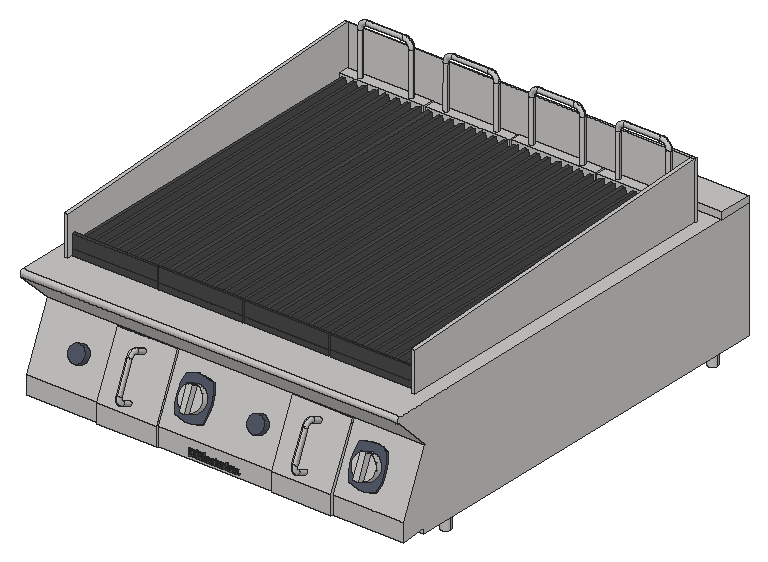
Revit family "QF_ELECTROLUXPROFESSIONAL_391065_E9GRGHGC0P", category Specialty Equipment, Revit 2018 (continued)
Automatic sketch dimensions
  Extrusion 17 sketch curve to Extrusion 17 sketch curve = 0.629 mm  (x2)
  Extrusion 17 sketch curve to Extrusion 17 sketch curve = 1.131 mm
  Extrusion 17 sketch curve to Extrusion 17 sketch curve = 0.137 mm
  Extrusion 17 sketch curve to Extrusion 17 sketch curve = 0.027 mm
  Extrusion 17 sketch curve to Extrusion 17 sketch curve = 2.235 mm
  Split face 1 sketch curve to Split face 1 sketch curve = 9.684 mm
  Split face 1 sketch curve to Split face 1 sketch curve = 18.622 mm
  Split face 1 sketch curve to Split face 1 sketch curve = 2.959 mm
  Split face 1 sketch curve to Split face 1 sketch curve = 21.994 mm
  Split face 1 sketch curve to Split face 1 sketch curve = 5.035 mm
  Split face 1 sketch curve to Split face 1 sketch curve = 10.085 mm
  Split face 1 sketch curve to Split face 1 sketch curve = 5.244 mm
  Split face 2 sketch curve to Split face 2 sketch curve = 9.635 mm
  Split face 2 sketch curve to Split face 2 sketch curve = 17.821 mm
  Split face 2 sketch curve to Split face 2 sketch curve = 4.557 mm
  Split face 2 sketch curve to Split face 2 sketch curve = 14.42 mm
  Split face 2 sketch curve to Split face 2 sketch curve = 22.055 mm
  Split face 2 sketch curve to Split face 2 sketch curve = 3.318 mm
  Extrusion 18 sketch curve to plane 12 = 113.904 mm
  Extrusion 18 sketch curve to Extrusion 18 sketch curve = 0 mm
  Extrusion 18 sketch curve to Extrusion 18 sketch curve = 12.3 mm  (x3)
  Extrusion 18 sketch curve to Extrusion 18 sketch curve = 34.925 mm  (x2)
  Extrusion 18 sketch curve to Extrusion 18 sketch curve = 46.691 mm
  Extrusion 18 sketch curve to Extrusion 18 sketch curve = 0.617 mm
  Extrusion 18 sketch curve to Extrusion 18 sketch curve = 28.57 mm
  Extrusion 18 sketch curve to Extrusion 18 sketch curve = 29.185 mm
  Split face 3 sketch curve to Split face 3 sketch curve = 9.684 mm
  Split face 3 sketch curve to Split face 3 sketch curve = 18.622 mm
  Split face 3 sketch curve to Split face 3 sketch curve = 2.959 mm
  Split face 3 sketch curve to Split face 3 sketch curve = 21.994 mm
  Split face 3 sketch curve to Split face 3 sketch curve = 5.035 mm
  Split face 3 sketch curve to Split face 3 sketch curve = 10.085 mm
  Split face 3 sketch curve to Split face 3 sketch curve = 5.244 mm
  Split face 4 sketch curve to Split face 4 sketch curve = 9.635 mm
  Split face 4 sketch curve to Split face 4 sketch curve = 17.821 mm
  Split face 4 sketch curve to Split face 4 sketch curve = 4.557 mm
  Split face 4 sketch curve to Split face 4 sketch curve = 14.42 mm
  Split face 4 sketch curve to Split face 4 sketch curve = 22.055 mm
  Split face 4 sketch curve to Split face 4 sketch curve = 3.318 mm
  plane 13 to Sweep 19 sketch curve = 5.713 mm
  plane 13 to Sweep 19 sketch curve = 11.94 mm
  Sweep 19 sketch curve to Sweep 19 sketch curve = 5.31 mm  (x3)
  Sweep 19 sketch curve to Sweep 19 sketch curve = 20.629 mm  (x2)
  plane 13 to Sweep 19 sketch curve = 33.261 mm
  Sweep 19 sketch curve to Sweep 19 sketch curve = 11.537 mm  (x2)
  plane 9 to Sweep 19 sketch curve = 63.498 mm
  Sweep 19 sketch curve to Sweep 19 sketch curve = 9.495 mm
  Sweep 19 sketch curve to Sweep 19 sketch curve = 59.852 mm
  Sweep 19 sketch curve to Sweep 19 sketch curve = 2.042 mm
  Sweep 19 sketch curve to profile plane = 0 mm  (x2)
  plane 13 to Sweep 20 sketch curve = 5.713 mm
  plane 13 to Sweep 20 sketch curve = 11.94 mm
  Sweep 20 sketch curve to Sweep 20 sketch curve = 11.537 mm  (x2)
  Sweep 20 sketch curve to Sweep 20 sketch curve = 20.629 mm  (x2)
  plane 13 to Sweep 20 sketch curve = 33.261 mm
  Sweep 20 sketch curve to Sweep 20 sketch curve = 5.31 mm  (x2)
  Sweep 20 sketch curve to plane 6 "TOP" = 95.082 mm
  Sweep 20 sketch curve to Sweep 20 sketch curve = 6.227 mm
  Sweep 20 sketch curve to Sweep 20 sketch curve = 9.495 mm  (x2)
  Sweep 20 sketch curve to Sweep 20 sketch curve = 59.852 mm
  profile plane to Sweep 20 sketch curve = 0 mm
  Sweep 20 sketch curve to profile plane = 0 mm
  Extrusion 21 sketch curve to plane 12 = 25.525 mm
  plane 1 "BACK" to Extrusion 21 sketch curve = 130.285 mm  (x2)
  Extrusion 21 sketch curve to Extrusion 21 sketch curve = 0 mm  (x4)
  Extrusion 21 sketch curve to plane 11 = 25.625 mm
  Extrusion 21 sketch curve to plane 7 "Center Y" = 1.55 mm
  Extrusion 21 sketch curve to plane 8 "Center X" = 371.985 mm  (x2)
  Extrusion 21 sketch curve to Extrusion 21 sketch curve = 180.112 mm
  Extrusion 21 sketch curve to Extrusion 21 sketch curve = 3.2 mm  (x2)
  plane 7 "Center Y" to Extrusion 21 sketch curve = 1.65 mm
  Extrusion 21 sketch curve to Extrusion 21 sketch curve = 178.512 mm
  plane 7 "Center Y" to Extrusion 22 sketch curve = 1.65 mm
  plane 1 "BACK" to Extrusion 22 sketch curve = 107.795 mm  (x2)
  Extrusion 22 sketch curve to plane 11 = 25.625 mm
  Extrusion 22 sketch curve to Extrusion 22 sketch curve = 0 mm  (x4)
  Extrusion 22 sketch curve to Extrusion 22 sketch curve = 22.49 mm  (x2)
  Extrusion 22 sketch curve to Extrusion 22 sketch curve = 180.112 mm
  Extrusion 22 sketch curve to Extrusion 22 sketch curve = 3.2 mm  (x2)
  Extrusion 22 sketch curve to plane 7 "Center Y" = 1.55 mm
  Extrusion 22 sketch curve to Extrusion 22 sketch curve = 178.513 mm
  Extrusion 22 sketch curve to plane 12 = 25.525 mm
  nested 1 to Extrusion 23 sketch curve = 702.786 mm
  Extrusion 23 sketch curve to nested 1 = 0 mm
  nested 1 to Extrusion 23 sketch curve = 707.289 mm
  Extrusion 23 sketch curve to Extrusion 23 sketch curve = 29.008 mm
  nested 1 to Extrusion 23 sketch curve = 524.806 mm
  nested 1 to Extrusion 23 sketch curve = 521.643 mm
  Extrusion 23 sketch curve to Extrusion 23 sketch curve = 0.491 mm  (x4)
  nested 1 to Extrusion 23 sketch curve = 345.244 mm
  Extrusion 23 sketch curve to Extrusion 23 sketch curve = 27.385 mm  (x2)
  nested 1 to Extrusion 23 sketch curve = 526.147 mm
  nested 1 to Extrusion 23 sketch curve = 342.082 mm
  nested 1 to Extrusion 23 sketch curve = 165.682 mm
  nested 1 to Extrusion 23 sketch curve = 346.585 mm
  nested 1 to Extrusion 23 sketch curve = 162.52 mm
  nested 1 to Extrusion 23 sketch curve = 167.024 mm
  Extrusion 23 sketch curve to nested 1 = 15.46 mm
  plane 6 "TOP" to Sweep 24 sketch curve = 37.056 mm  (x2)
  Sweep 24 sketch curve to plane 10 = 20.058 mm  (x2)
  Sweep 24 sketch curve to plane 10 = 4.818 mm
  Sweep 24 sketch curve to plane 11 = 169.265 mm
  Sweep 24 sketch curve to plane 11 = 76.583 mm
  Sweep 24 sketch curve to profile plane = 0 mm
  profile plane to Sweep 24 sketch curve = 0 mm
  plane 6 "TOP" to Sweep 25 sketch curve = 37.056 mm  (x2)
  Sweep 25 sketch curve to plane 10 = 20.058 mm  (x2)
  Sweep 25 sketch curve to plane 10 = 4.818 mm
  Sweep 25 sketch curve to plane 7 "Center Y" = 38.079 mm
  Sweep 25 sketch curve to Sweep 25 sketch curve = 77.443 mm
  Sweep 25 sketch curve to profile plane = 0 mm
  profile plane to Sweep 25 sketch curve = 0 mm
  Extrusion 26 sketch curve to plane 6 "TOP" = 0 mm
  Extrusion 26 sketch curve to plane 10 = 27.638 mm
  plane 1 "BACK" to Extrusion 26 sketch curve = 104.885 mm
  Extrusion 26 sketch curve to plane 5 "FRONT" = 82 mm
  Extrusion 26 sketch curve to plane 10 = 66.495 mm
  Extrusion 27 sketch curve to Extrusion 26 = 0 mm  (x3)
  Extrusion 27 sketch curve to Extrusion 26 = 736.3 mm
  plane 6 "TOP" to Sweep 28 sketch curve = 37.056 mm  (x2)
  Sweep 28 sketch curve to plane 10 = 20.058 mm  (x2)
  Sweep 28 sketch curve to plane 10 = 4.818 mm
  Sweep 28 sketch curve to plane 12 = 62.024 mm
  Sweep 28 sketch curve to Sweep 28 sketch curve = 77.443 mm
  Sweep 28 sketch curve to profile plane = 0 mm
  profile plane to Sweep 28 sketch curve = 0 mm
  plane 6 "TOP" to Sweep 29 sketch curve = 37.056 mm  (x2)
  Sweep 29 sketch curve to plane 10 = 20.058 mm  (x2)
  Sweep 29 sketch curve to plane 10 = 4.818 mm
  plane 7 "Center Y" to Sweep 29 sketch curve = 143.679 mm
  plane 7 "Center Y" to Sweep 29 sketch curve = 50.997 mm
  Sweep 29 sketch curve to profile plane = 0 mm
  profile plane to Sweep 29 sketch curve = 0 mm
  plane 1 "BACK" to Extrusion 30 sketch curve = 0 mm
  Extrusion 30 sketch curve to plane 3 "LEFT" = 0 mm
  plane 1 "BACK" to Extrusion 30 sketch curve = 69.85 mm
  Extrusion 30 sketch curve to plane 4 "RIGHT" = 0.1 mm
  Extrusion 31 sketch curve to plane 6 "TOP" = 0 mm
  Extrusion 31 sketch curve to plane 10 = 27.638 mm
  plane 1 "BACK" to Extrusion 31 sketch curve = 104.885 mm
  Extrusion 31 sketch curve to plane 5 "FRONT" = 82 mm
  Extrusion 31 sketch curve to plane 10 = 66.495 mm
  Extrusion 33 sketch curve to plane 12 = 41 mm
  plane 9 to Extrusion 33 sketch curve = 54 mm
  Extrusion 32 sketch curve to Extrusion 1 = 52.1 mm
  Extrusion 32 sketch curve to Extrusion 1 = 197.028 mm
  plane 5 "FRONT" to curve 21 = 0 mm
  plane 1 "BACK" to curve 24 = 0 mm
  curve 24 to plane 3 "LEFT" = 0 mm
  plane 5 "FRONT" to curve 3 = 0 mm
  curve 25 to plane 4 "RIGHT" = 0 mm
  plane 5 "FRONT" to curve 19 = 0 mm
  curve 20 to plane 3 "LEFT" = 150.019 mm
  curve 46 to plane 11 = 17.675 mm
  curve 43 to curve 44 = 6.35 mm
  curve 44 to curve 34 = 1.6 mm
  curve 68 to curve 74 = 35.691 mm
  plane 13 to curve 18 = 24.379 mm
  curve 18 to plane 11 = 140.15 mm
  curve 72 to curve 72 = 107.969 mm
  curve 3 to curve 18 = 57.928 mm
  curve 4 to curve 7 = 0 mm
  curve 7 to curve 8 = 4.572 mm
  curve 3 to curve 34 = 65.587 mm
  curve 35 to curve 37 = 3.2 mm
  curve 60 to curve 64 = 34.091 mm
  plane 13 to curve 1 = 24.379 mm
  curve 2 to curve 1 = 59.928 mm
  curve 64 to plane 7 "Center Y" = 38.003 mm
  curve 60 to plane 7 "Center Y" = 1.55 mm
  plane 7 "Center Y" to curve 54 = 1.65 mm
  plane 7 "Center Y" to curve 58 = 35.741 mm
  plane 13 to curve 11 = 24.379 mm
  plane 7 "Center Y" to curve 11 = 121.95 mm
  curve 55 to curve 57 = 107.969 mm
  curve 56 to curve 52 = 36.453 mm
  plane 13 to curve 16 = 4.565 mm
  curve 11 to curve 16 = 59.803 mm
  curve 12 to curve 15 = 0 mm
  curve 51 to curve 31 = 3.2 mm
  curve 16 to curve 16 = 4.572 mm
  curve 31 to curve 50 = 35.691 mm
  plane 14 to curve 9 = 99.05 mm
  plane 14 to curve 47 = 20.978 mm
  curve 31 to plane 14 = 15.475 mm
  curve 30 to curve 29 = 1.5 mm
  curve 28 to curve 46 = 6.35 mm  (x2)
  curve 20 to plane 4 "RIGHT" = 150.119 mm
  plane 13 to curve 8 = 4.565 mm
  curve 17 to curve 10 = 0 mm
  curve 17 to curve 13 = 46.357 mm
  curve 18 to curve 7 = 46.357 mm
  curve 5 to curve 6 = 0 mm
  curve 12 to curve 13 = 0 mm
  curve 12 to curve 12 = 1.912 mm
  curve 5 to curve 5 = 1.912 mm
  curve 29 to plane 5 "FRONT" = 82 mm
  curve 43 to plane 5 "FRONT" = 82 mm
  curve 67 to plane 5 "FRONT" = 93.015 mm
  curve 67 to curve 62 = 0 mm
  curve 51 to plane 5 "FRONT" = 93.015 mm
  curve 29 to curve 30 = 11.015 mm
  curve 30 to curve 41 = 5 mm
  curve 67 to curve 35 = 5 mm
  curve 38 to curve 39 = 5 mm
  curve 37 to curve 39 = 0 mm
  plane 1 "BACK" to curve 61 = 130.285 mm
  plane 1 "BACK" to curve 32 = 130.285 mm
  curve 53 to curve 32 = 0 mm
  plane 1 "BACK" to curve 69 = 130.285 mm
  curve 53 to curve 55 = 6.941 mm
  curve 61 to curve 63 = 6.941 mm
  curve 69 to curve 71 = 6.941 mm
  curve 32 to curve 47 = 6.941 mm
  curve 47 to curve 49 = 4.572 mm
  curve 55 to curve 58 = 4.572 mm
  curve 71 to curve 73 = 4.572 mm
  curve 63 to curve 65 = 4.572 mm
  curve 61 to curve 60 = 22.49 mm
  curve 32 to curve 31 = 22.49 mm
  curve 59 to curve 54 = 0 mm
  curve 69 to curve 70 = 22.49 mm
  curve 30 to curve 28 = 2.91 mm
  curve 27 to curve 26 = 28.685 mm
  curve 20 to plane 1 "BACK" = 150.019 mm
  radius of Extrusion 2 sketch curve = 9.525 mm  (x4)
  radius of Extrusion 4 sketch curve = 17.8 mm
  radius of Sweep 6 sketch curve = 4.572 mm
  radius of Extrusion 7 sketch curve = 17.8 mm
  radius of Sweep 9 sketch curve = 4.572 mm
  radius of Extrusion 13 sketch curve = 25.4 mm
  radius of Extrusion 14 sketch curve to Extrusion 13 = 0 mm  (x2)
  radius of Extrusion 15 sketch curve = 25.4 mm
  radius of Extrusion 16 sketch curve to Extrusion 15 = 0 mm  (x2)
  radius of Sweep 19 sketch curve = 4.572 mm
  radius of Sweep 20 sketch curve = 4.572 mm
  radius of Sweep 24 sketch curve = 4.572 mm
  radius of Sweep 25 sketch curve = 4.572 mm
  radius of Sweep 28 sketch curve = 4.572 mm
  radius of Sweep 29 sketch curve = 4.572 mm
  radius of Extrusion 33 sketch curve = 6.35 mm
  radius of Extrusion 32 sketch curve = 6.35 mm
Nested families
  nested 1: "391065_QF_Electrolux_GRILL" at (39.571, -130.285, 287.7), type "391065_QF_Electrolux_GRILL"
    with Type Mark "", Specification by User "", Revision Code "", Item Number "", Installed By "", Identify Quantity as Lot yes, Furnished By "", Foodservice Equipment Identifier yes
  nested 2: "391065_QF_Electrolux_GRILL" at (747.729, -130.285, 287.7), type "391065_QF_Electrolux_GRILL"
    with Type Mark "", Specification by User "", Revision Code "", Item Number "", Installed By "", Identify Quantity as Lot yes, Furnished By "", Foodservice Equipment Identifier yes
  nested 3: "391065_QF_Electrolux_GRILL" at (62.414, -130.285, 287.7), type "391065_QF_Electrolux_GRILL"
    with Type Mark "", Specification by User "", Revision Code "", Item Number "", Installed By "", Identify Quantity as Lot yes, Furnished By "", Foodservice Equipment Identifier yes
  nested 4: "391065_QF_Electrolux_GRILL" at (85.258, -130.285, 287.7), type "391065_QF_Electrolux_GRILL"
    with Type Mark "", Specification by User "", Revision Code "", Item Number "", Installed By "", Identify Quantity as Lot yes, Furnished By "", Foodservice Equipment Identifier yes
  nested 5: "391065_QF_Electrolux_GRILL" at (108.102, -130.285, 287.7), type "391065_QF_Electrolux_GRILL"
    with Type Mark "", Specification by User "", Revision Code "", Item Number "", Installed By "", Identify Quantity as Lot yes, Furnished By "", Foodservice Equipment Identifier yes
  nested 6: "391065_QF_Electrolux_GRILL" at (130.946, -130.285, 287.7), type "391065_QF_Electrolux_GRILL"
    with Type Mark "", Specification by User "", Revision Code "", Item Number "", Installed By "", Identify Quantity as Lot yes, Furnished By "", Foodservice Equipment Identifier yes
  nested 7: "391065_QF_Electrolux_GRILL" at (153.79, -130.285, 287.7), type "391065_QF_Electrolux_GRILL"
    with Type Mark "", Specification by User "", Revision Code "", Item Number "", Installed By "", Identify Quantity as Lot yes, Furnished By "", Foodservice Equipment Identifier yes
  nested 8: "391065_QF_Electrolux_GRILL" at (176.634, -130.285, 287.7), type "391065_QF_Electrolux_GRILL"
    with Type Mark "", Specification by User "", Revision Code "", Item Number "", Installed By "", Identify Quantity as Lot yes, Furnished By "", Foodservice Equipment Identifier yes
  nested 9: "391065_QF_Electrolux_GRILL" at (199.477, -130.285, 287.7), type "391065_QF_Electrolux_GRILL"
    with Type Mark "", Specification by User "", Revision Code "", Item Number "", Installed By "", Identify Quantity as Lot yes, Furnished By "", Foodservice Equipment Identifier yes
  nested 10: "391065_QF_Electrolux_GRILL" at (222.321, -130.285, 287.7), type "391065_QF_Electrolux_GRILL"
    with Type Mark "", Specification by User "", Revision Code "", Item Number "", Installed By "", Identify Quantity as Lot yes, Furnished By "", Foodservice Equipment Identifier yes
  nested 11: "391065_QF_Electrolux_GRILL" at (245.165, -130.285, 287.7), type "391065_QF_Electrolux_GRILL"
    with Type Mark "", Specification by User "", Revision Code "", Item Number "", Installed By "", Identify Quantity as Lot yes, Furnished By "", Foodservice Equipment Identifier yes
  nested 12: "391065_QF_Electrolux_GRILL" at (268.009, -130.285, 287.7), type "391065_QF_Electrolux_GRILL"
    with Type Mark "", Specification by User "", Revision Code "", Item Number "", Installed By "", Identify Quantity as Lot yes, Furnished By "", Foodservice Equipment Identifier yes
  nested 13: "391065_QF_Electrolux_GRILL" at (290.853, -130.285, 287.7), type "391065_QF_Electrolux_GRILL"
    with Type Mark "", Specification by User "", Revision Code "", Item Number "", Installed By "", Identify Quantity as Lot yes, Furnished By "", Foodservice Equipment Identifier yes
  nested 14: "391065_QF_Electrolux_GRILL" at (313.697, -130.285, 287.7), type "391065_QF_Electrolux_GRILL"
    with Type Mark "", Specification by User "", Revision Code "", Item Number "", Installed By "", Identify Quantity as Lot yes, Furnished By "", Foodservice Equipment Identifier yes
  nested 15: "391065_QF_Electrolux_GRILL" at (336.54, -130.285, 287.7), type "391065_QF_Electrolux_GRILL"
    with Type Mark "", Specification by User "", Revision Code "", Item Number "", Installed By "", Identify Quantity as Lot yes, Furnished By "", Foodservice Equipment Identifier yes
  nested 16: "391065_QF_Electrolux_GRILL" at (359.384, -130.285, 287.7), type "391065_QF_Electrolux_GRILL"
    with Type Mark "", Specification by User "", Revision Code "", Item Number "", Installed By "", Identify Quantity as Lot yes, Furnished By "", Foodservice Equipment Identifier yes
  nested 17: "391065_QF_Electrolux_GRILL" at (382.228, -130.285, 287.7), type "391065_QF_Electrolux_GRILL"
    with Type Mark "", Specification by User "", Revision Code "", Item Number "", Installed By "", Identify Quantity as Lot yes, Furnished By "", Foodservice Equipment Identifier yes
  nested 18: "391065_QF_Electrolux_GRILL" at (405.072, -130.285, 287.7), type "391065_QF_Electrolux_GRILL"
    with Type Mark "", Specification by User "", Revision Code "", Item Number "", Installed By "", Identify Quantity as Lot yes, Furnished By "", Foodservice Equipment Identifier yes
  nested 19: "391065_QF_Electrolux_GRILL" at (427.916, -130.285, 287.7), type "391065_QF_Electrolux_GRILL"
    with Type Mark "", Specification by User "", Revision Code "", Item Number "", Installed By "", Identify Quantity as Lot yes, Furnished By "", Foodservice Equipment Identifier yes
  nested 20: "391065_QF_Electrolux_GRILL" at (450.76, -130.285, 287.7), type "391065_QF_Electrolux_GRILL"
    with Type Mark "", Specification by User "", Revision Code "", Item Number "", Installed By "", Identify Quantity as Lot yes, Furnished By "", Foodservice Equipment Identifier yes
  nested 21: "391065_QF_Electrolux_GRILL" at (473.603, -130.285, 287.7), type "391065_QF_Electrolux_GRILL"
    with Type Mark "", Specification by User "", Revision Code "", Item Number "", Installed By "", Identify Quantity as Lot yes, Furnished By "", Foodservice Equipment Identifier yes
  nested 22: "391065_QF_Electrolux_GRILL" at (496.447, -130.285, 287.7), type "391065_QF_Electrolux_GRILL"
    with Type Mark "", Specification by User "", Revision Code "", Item Number "", Installed By "", Identify Quantity as Lot yes, Furnished By "", Foodservice Equipment Identifier yes
  nested 23: "391065_QF_Electrolux_GRILL" at (519.291, -130.285, 287.7), type "391065_QF_Electrolux_GRILL"
    with Type Mark "", Specification by User "", Revision Code "", Item Number "", Installed By "", Identify Quantity as Lot yes, Furnished By "", Foodservice Equipment Identifier yes
  nested 24: "391065_QF_Electrolux_GRILL" at (542.135, -130.285, 287.7), type "391065_QF_Electrolux_GRILL"
    with Type Mark "", Specification by User "", Revision Code "", Item Number "", Installed By "", Identify Quantity as Lot yes, Furnished By "", Foodservice Equipment Identifier yes
  nested 25: "391065_QF_Electrolux_GRILL" at (564.979, -130.285, 287.7), type "391065_QF_Electrolux_GRILL"
    with Type Mark "", Specification by User "", Revision Code "", Item Number "", Installed By "", Identify Quantity as Lot yes, Furnished By "", Foodservice Equipment Identifier yes
  nested 26: "391065_QF_Electrolux_GRILL" at (587.823, -130.285, 287.7), type "391065_QF_Electrolux_GRILL"
    with Type Mark "", Specification by User "", Revision Code "", Item Number "", Installed By "", Identify Quantity as Lot yes, Furnished By "", Foodservice Equipment Identifier yes
  nested 27: "391065_QF_Electrolux_GRILL" at (610.666, -130.285, 287.7), type "391065_QF_Electrolux_GRILL"
    with Type Mark "", Specification by User "", Revision Code "", Item Number "", Installed By "", Identify Quantity as Lot yes, Furnished By "", Foodservice Equipment Identifier yes
  nested 28: "391065_QF_Electrolux_GRILL" at (633.51, -130.285, 287.7), type "391065_QF_Electrolux_GRILL"
    with Type Mark "", Specification by User "", Revision Code "", Item Number "", Installed By "", Identify Quantity as Lot yes, Furnished By "", Foodservice Equipment Identifier yes
  nested 29: "391065_QF_Electrolux_GRILL" at (656.354, -130.285, 287.7), type "391065_QF_Electrolux_GRILL"
    with Type Mark "", Specification by User "", Revision Code "", Item Number "", Installed By "", Identify Quantity as Lot yes, Furnished By "", Foodservice Equipment Identifier yes
  nested 30: "391065_QF_Electrolux_GRILL" at (679.198, -130.285, 287.7), type "391065_QF_Electrolux_GRILL"
    with Type Mark "", Specification by User "", Revision Code "", Item Number "", Installed By "", Identify Quantity as Lot yes, Furnished By "", Foodservice Equipment Identifier yes
  nested 31: "391065_QF_Electrolux_GRILL" at (702.042, -130.285, 287.7), type "391065_QF_Electrolux_GRILL"
    with Type Mark "", Specification by User "", Revision Code "", Item Number "", Installed By "", Identify Quantity as Lot yes, Furnished By "", Foodservice Equipment Identifier yes
  nested 32: "391065_QF_Electrolux_GRILL" at (724.886, -130.285, 287.7), type "391065_QF_Electrolux_GRILL"
    with Type Mark "", Specification by User "", Revision Code "", Item Number "", Installed By "", Identify Quantity as Lot yes, Furnished By "", Foodservice Equipment Identifier yes
Connectors
  piping at (748, -663, 15), diameter 12.8
    settings: on Extrusion 32, index 1, connector inside diameter 0.50394", connector length 0 mm, flow factor 0, pipe flow 0 GPM, pressure drop 0.00 psi, fitting loss kfactor 0, connector angle 0.00°, fixture units 0, engagement length 0 mm, angle of deflection 0.00°, flow configuration 1, flow direction 1, fitting loss method 0, system type 7, joint type 0, gender type 0, connector reference index -1, connector utility 0, adjustable connector no, is connector primary yes, connector description "GAS CONNECTION"
  piping at (748, -50, 78), diameter 12.8
    settings: on Extrusion 33, index 2, connector inside diameter 0.50394", connector length 0 mm, flow factor 0, pipe flow 0 GPM, pressure drop 0.00 psi, fitting loss kfactor 0, connector angle 0.00°, fixture units 0, engagement length 0 mm, angle of deflection 0.00°, flow configuration 1, flow direction 1, fitting loss method 0, system type 7, joint type 0, gender type 0, connector reference index -1, connector utility 0, adjustable connector no, is connector primary no, connector description "GAS CONNECTION"
Definition of nested family "391065_QF_Electrolux_GRILL"
  Parameters
    Weight in Pounds = 0
    URL Cutsheet = ""
    URL = ""
    Type Mark [instance] = ""
    Specification by User [instance] = ""
    Specification by Manufacturer = ""
    Serial Number = ""
    Seismic Rating = ""
    SMACNA No = ""
    Revision Code [instance] = ""
    Omniclass Number and Title = ""
    NAFEM Spec ID Number = ""
    Model = ""
    Masterspec = ""
    Manufacturer = ""
    Item Number [instance] = ""
    Installed By [instance] = ""
    Identify Quantity as Lot [instance] = yes
    Furnished By [instance] = ""
    Foodservice Equipment Identifier [instance] = yes
    Description = ""
    CSI MasterFormat = ""
    CSI Master Format = ""
    Assembly Code = ""
  Reference planes
    plane 1 "BACK": y = 0
    plane 2: z = 0
    plane 3 "LEFT": x = 0
    plane 4 "RIGHT": x = 12.7
    plane 5 "FRONT": y = -701.7
    plane 6 "TOP": z = 19.576
    plane 7 "Center Y": x = 6.35
    plane 8 "Center X": y = -350.85
    plane 9: y = -147.637
  Forms (mm)
    Extrusion 1, solid
      sketch origin (-1.421, -501.68, -12.7) x (1, 0, 0) y (0, 0, 1)
        loop
          line (1.421, 12.7) -> (14.121, 12.7) -> (11.081, 32.276) -> (4.46, 32.276) -> (1.421, 12.7)
      from 200.02 to -501.68
  Lines and regions (mm)
    symbolic lines
      curve 1: line (0, 0, 0) -> (12.7, 0, 0)
      curve 2: line (0, -701.7, 0) -> (0, 0, 0)
      curve 3: line (12.7, -701.7, 0) -> (0, -701.7, 0)
      curve 4: line (12.7, 0, 0) -> (12.7, -701.7, 0)
  Dimensions and locks
    equal spacing: plane 3 "LEFT", plane 7 "Center Y", plane 4 "RIGHT"
    plane 3 "LEFT" to plane 4 "RIGHT" = 12.7 mm
    equal spacing: plane 5 "FRONT", plane 8 "Center X", plane 1 "BACK"
    plane 5 "FRONT" to plane 1 "BACK" = 701.7 mm
    plane 6 "TOP" to level = 19.576 mm
    plane 1 "BACK" to plane 5 "FRONT" = 701.7 mm
    aligned and locked: level to plane 2
  Automatic sketch dimensions
    Extrusion 1 sketch curve to level = 0 mm
    Extrusion 1 sketch curve to plane 3 "LEFT" = 0 mm
    Extrusion 1 sketch curve to plane 6 "TOP" = 0 mm
    Extrusion 1 sketch curve to plane 4 "RIGHT" = 0 mm
    plane 3 "LEFT" to Extrusion 1 sketch curve = 3.039 mm
    Extrusion 1 sketch curve to plane 4 "RIGHT" = 3.039 mm
    curve 3 to plane 3 "LEFT" = 0 mm
    curve 3 to plane 4 "RIGHT" = 0 mm
    plane 5 "FRONT" to curve 3 = 0 mm
    plane 1 "BACK" to curve 2 = 0 mm
